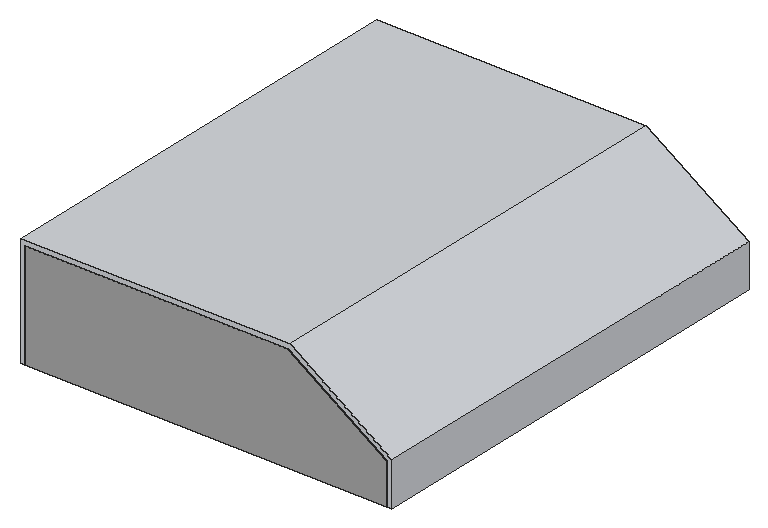
Revit family
Parameters (values of type "2'")
  Width = 2' - 0"
Types (3): name | Width
  (no name) | 2' - 0"
  3' | 3' - 0"
  2' | 2' - 0"
Reference planes (in)
  plane 1 "Center F/B": y = 0
  plane 2: z = 0
  plane 3 "Center L/R": x = 0
  plane 4: y = 24
  plane 5: x = 20
  plane 6: y = 23.75
Forms (in)
  Extrusion 1, solid
    sketch origin (0, 0, 0) x (1, 0, 0) y (0, 0, 1)
      loop
        line (0, 6) -> (0, 0) -> (0.25, 0) -> (0.25, 5.75) -> (14.41471, 5.75) -> (19.75, 2.21592) -> (19.75, 0) -> (20, 0) -> (20, 2.35019) -> (14.49, 6) -> (0, 6)
    from -24 to 0
  Extrusion 2, solid, material "BMCD2AR3\Solid Materials \Metals\Stainless Steel, polished 2"
    sketch origin (0, 0, 0) x (1, 0, 0) y (0, 0, 1)
      loop
        line (19.75, 2.21592) -> (14.41471, 5.75) -> (0.25, 5.75) -> (0.25, 0) -> (19.75, 0) -> (19.75, 2.21592)
    from 0 to -0.25
  Extrusion 3, solid, material "BMCD2AR3\Solid Materials \Metals\Stainless Steel, polished 2"
    sketch origin (0, 36, 0) x (1, 0, 0) y (0, 0, -1)
      loop
        line (19.75, -2.21592) -> (19.75, 0) -> (0.25, 0) -> (0.25, -5.75) -> (14.41471, -5.75) -> (19.75, -2.21592)
    from -12 to -12.25
Lines and regions (in)
  symbolic lines, style "InvisibleLines"
    curve 1: line (-8, 0, 0) -> (8, 0, 0)
    curve 2: line (0, -8, 0) -> (0, 9, 0)
  model lines
    curve 3: line (14.49, 0, 6) -> (20, 0, 2.35019)
    curve 4: line (0, 0, 6) -> (14.49, 0, 6)
    curve 5: line (20, 0, 0) -> (0, 0, 0)
    curve 6: line (20, 0, 0) -> (20, 0, 2.35019)
    curve 7: line (0, 0, 0) -> (0, 0, 6)
Dimensions and locks (in)
  "Width": plane 1 "Center F/B" to plane 4
  locked: plane 4 to plane 6 at 0.25
  aligned and locked: Extrusion 1 to plane 4
  aligned and locked: plane 1 "Center F/B" to Extrusion 1
  aligned and locked: plane 4 to Extrusion 3
  aligned and locked: plane 6 to Extrusion 3
Automatic sketch dimensions
  curve 1 to plane 1 "Center F/B" = 0' - 0"
  curve 2 to plane 3 "Center L/R" = 0' - 0"
  curve 1 to plane 3 "Center L/R" = 0' - 8"
  plane 3 "Center L/R" to curve 1 = 0' - 8"
  plane 1 "Center F/B" to curve 2 = 0' - 8"
  curve 2 to plane 1 "Center F/B" = 0' - 9"
  Extrusion 1 sketch curve to plane 3 "Center L/R" = 0' - 0"
  Extrusion 1 sketch curve to level = 0' - 0"  (x2)
  Extrusion 1 sketch curve to plane 5 = 0' - 0"
  plane 3 "Center L/R" to Extrusion 1 sketch curve = 0' - 0 1/4"
  Extrusion 1 sketch curve to plane 5 = 0' - 5.58529"
  Extrusion 1 sketch curve to Extrusion 1 sketch curve = 0' - 0.07529"
  Extrusion 1 sketch curve to plane 5 = 0' - 0 1/4"
  Extrusion 1 sketch curve to Extrusion 1 sketch curve = 0' - 2.21592"
  Extrusion 1 sketch curve to Extrusion 1 sketch curve = 0' - 0.13427"
  level to Extrusion 1 sketch curve = 0' - 5 3/4"
  Extrusion 1 sketch curve to Extrusion 1 sketch curve = 0' - 0 1/4"
  Extrusion 2 sketch curve to level = 0' - 0"
  plane 3 "Center L/R" to Extrusion 2 sketch curve = 0' - 0 1/4"
  Extrusion 2 sketch curve to plane 5 = 0' - 5.58529"
  Extrusion 2 sketch curve to plane 5 = 0' - 0 1/4"
  level to Extrusion 2 sketch curve = 0' - 2.21592"
  level to Extrusion 2 sketch curve = 0' - 5 3/4"
  Extrusion 3 sketch curve to level = 0' - 0"
  plane 3 "Center L/R" to Extrusion 3 sketch curve = 0' - 0 1/4"
  Extrusion 3 sketch curve to plane 5 = 0' - 5.58529"
  Extrusion 3 sketch curve to plane 5 = 0' - 0 1/4"
  level to Extrusion 3 sketch curve = 0' - 2.21592"
  level to Extrusion 3 sketch curve = 0' - 5 3/4"
